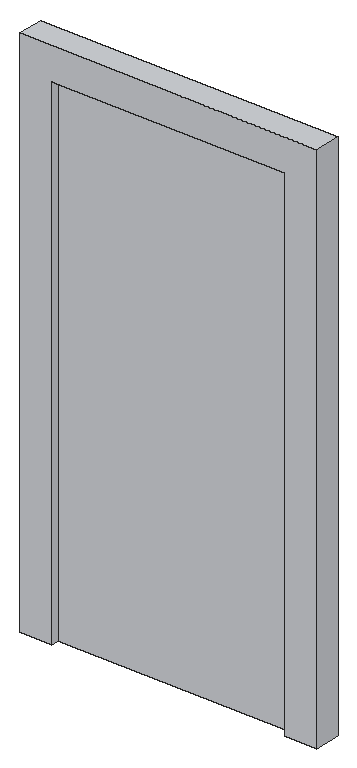
Revit family "Door", category Doors, host Wall, Revit 2025
Family settings
  Host = Wall
  OmniClass Number = 23.30.10.00
  OmniClass Title = Doors
  Always vertical = Yes
  Cut with Voids When Loaded = No
  Shared = No
  Room Calculation Point = No
Parameters (values of type "9")
  Type Comments = "C"
  Thickness = 0' - 1 3/4"
  Swing Length = Door Width - 0' 2"  # 2' - 10"
  S_Door A = 75.00°
  Frame Material = none
  Door Thickness = 0' - 1 3/4"
  S_Door Margin = 0' - 3 3/4"
  S_Door Inner Thickness = 0' - 3"
  S_Door G = 0' - 1.22013"
  Function = Interior
  Freezer = yes
  Frame Width Upper = 0' - 5"
  Frame Thickness = 0' - 4"
  Frame Width = 0' - 5"
  Height = Door Height + Frame Width Upper  # 6' - 11"
  Wall Closure = By host
  Width = Door Width + (2 * Frame Width)  # 3' - 10"
  Frame Head Depth = 0' - 5"
  Frame Depth Vert 1 = 0' - 1"
  Frame Depth Vert 2 = 0' - 0.01"
  Frame Depth Hori 2 = 0' - 5.01"
  Frame Depth Hori 1 = 0' - 3 3/4"
  S_Door Swing Length = Door Width  # 3' - 0"
  Door Width = 3' - 0"
  Door Material = none
  Door Height = 6' - 6"
  Define Thermal Properties by = Schematic Type
  Analytic Construction = "<None>"
Types (3): name | Type Comments | Swing Length | S_Door A | Frame Material | S_Door Margin | Freezer | Frame Width Upper | Frame Thickness | Frame Width | Height | Width | Frame Head Depth | Frame Depth Vert 2 | Frame Depth Hori 2 | Frame Depth Hori 1 | S_Door Swing Length | Door Width | Door Material | Door Height
  3A | "C" | 3' - 10" | 81.0937° | Hollow Material | 0' - 2" | no | 0' - 4" | 0' - 6" | 0' - 2" | 7' - 4" | 4' - 4" | 0' - 3" | 0' - 1" | 0' - 2" | 0' - 2" | 4' - 0" | 4' - 0" | Hollow Material | 7' - 0"
  9 | "C" | 2' - 10" | 75.00° | none | 0' - 3 3/4" | yes | 0' - 5" | 0' - 4" | 0' - 5" | 6' - 11" | 3' - 10" | 0' - 5" | 0' - 0.01" | 0' - 5.01" | 0' - 3 3/4" | 3' - 0" | 3' - 0" | none | 6' - 6"
  15 | "G" | 2' - 10" | 81.0937° | Hollow Material | 0' - 2" | no | 0' - 4" | 0' - 6" | 0' - 2" | 7' - 4" | 3' - 4" | 0' - 3" | 0' - 1" | 0' - 2" | 0' - 2" | 3' - 0" | 3' - 0" | Hollow Material | 7' - 0"
Reference planes (in)
  plane 1 "Center (Front/Back)": y = 0
  plane 2 "Center (Left/Right)": x = 0
  plane 3 "Left": x = -23
  plane 4 "Right": x = 23
  plane 5 "Top": z = 83
  plane 6 "Exterior": y = 7
  plane 7 "Interior": y = -7
  plane 8: y = 0
  plane 9: y = -2
  plane 10: y = 2
  plane 11: y = 3.22013
  plane 12: y = 47
  plane 13: x = 18
Forms (in)
  Extrusion 1, solid, material <- "Door Material", detail levels fine
    sketch origin (0, 0, 0) x (1, 0, 0) y (0, 1, 0)
      loop
        line (-18, 0.875) -> (-18, -0.875) -> (18, -0.875) -> (18, 0.875) -> (-18, 0.875)
    from 0 to 78
  Extrusion 2, solid, material <- "Frame Material", detail levels fine
    sketch origin (0, 0, 0) x (1, 0, 0) y (0, 0, 1)
      loop
        line (-23, 0) -> (-18, 0) -> (-18, 78) -> (18, 78) -> (18, 0) -> (23, 0) -> (23, 83) -> (-23, 83) -> (-23, 0)
    from -2 to 2
Lines and regions (in)
  Opening 1
    outline origin (-90, -7, 0) x (1, 0, 0) y (0, 0, 1)
      loop
        line (67, 0) -> (113, 0) -> (113, 83) -> (67, 83) -> (67, 0)
  symbolic lines
    curve 1: line (-19.25, 2, 0) -> (-19.25, 38, 0)
    curve 2: line (-19.25, 38, 0) -> (-14.75, 38, 0)
    curve 3: line (-17.5, 38, 0) -> (-17.5, 2, 0)
    curve 15: line (-23, 2, 0) -> (-19.25, 2, 0)
    curve 16: line (-19.25, 2, 0) -> (-19.25, 1, 0)
    curve 17: line (-19.25, 1, 0) -> (-18, 1, 0)
    curve 18: line (-18, 1, 0) -> (-18, -1.99, 0)
    curve 19: line (-18, -1.99, 0) -> (-17.99, -1.99, 0)
    curve 20: line (-17.99, -1.99, 0) -> (-17.99, -2, 0)
    curve 21: line (-17.99, -2, 0) -> (-23, -2, 0)
    curve 22: line (-19.25, 2, 0) -> (-17.5, 2, 0)
    curve 23: line (23, 2, 0) -> (18, 2, 0)
    curve 24: line (19.25, 4, 0) -> (19.25, 1, 0)
    curve 25: line (19.25, 1, 0) -> (18, 1, 0)
    curve 26: line (18, 1, 0) -> (18, -1.99, 0)
    curve 27: line (18, -1.99, 0) -> (17.99, -1.99, 0)
    curve 28: line (17.99, -1.99, 0) -> (17.99, -2, 0)
    curve 29: line (17.99, -2, 0) -> (23, -2, 0)
    curve 30: line (-17.5, 2, 0) -> (18, 2, 0)
    curve 31: line (17.99, -2, 0) -> (-17.99, -2, 0)
    curve 32: arc (-14.75, 38, 0) -> (9.29163, 28.04163, 0) -> (19.25, 4, 0) r 34
  symbolic lines, not visible
    curve 4: line (23, 1, 0) -> (23, -1, 0)
    curve 5: line (23, -1, 0) -> (24, -1, 0)
    curve 6: line (24, -1, 0) -> (24, -3, 0)
    curve 7: line (24, -3, 0) -> (26, -3, 0)
    curve 8: line (26, -3, 0) -> (26, 3, 0)
    curve 9: line (26, 3, 0) -> (24, 3, 0)
    curve 10: line (24, 3, 0) -> (24, 1, 0)
    curve 11: line (24, 1, 0) -> (23, 1, 0)
  symbolic lines, visible <- "Freezer"
    curve 12: line (-14.5, 35.97602, 0) -> (-14.5, 4.02398, 0)
    curve 13: line (-14.5, 35.97602, 0) -> (-17.5, 36.77987, 0)
    curve 14: line (-14.5, 4.02398, 0) -> (-17.5, 3.22013, 0)
Text (in)
  text "Exterior" at (-71.22539, 20.51343, 0), in view "Ref. Level"
  text "Interior" at (-71.22539, -15.26908, 0), in view "Ref. Level"
  text "Exterior" at (0, 40.15149, 123.01588), in view "Right"
  text "Interior" at (0, -64.39139, 123.01588), in view "Right"
  text "Interior" at (0, -31.01599, 123.00693), in view "Left"
  text "Exterior" at (0, 54.57065, 123.00693), in view "Left"
Dimensions and locks (in)
  equal spacing: Extrusion 1 sketch curve, host wall, Extrusion 1 sketch curve
  "Thickness": Extrusion 1 sketch curve to Extrusion 1 sketch curve
  equal spacing: plane 3 "Left", plane 2 "Center (Left/Right)", plane 4 "Right"
  "Width": plane 3 "Left" to plane 4 "Right"
  "Frame Width": Extrusion 2 sketch curve to Extrusion 2 sketch curve  (x2)
  "Frame Width Upper": plane 5 "Top" to Extrusion 2 sketch curve
  equal spacing: plane 10, plane 8, plane 9
  "Frame Thickness": plane 9 to plane 10
  "Height": plane 5 "Top" to level
  "S_Door Inner Thickness": curve 3 to curve 12
  "Door Thickness": curve 1 to curve 3
  "S_Door Margin": plane 3 "Left" to curve 1
  "Frame Depth Hori 1": plane 3 "Left" to curve 16
  "Frame Depth Hori 2": plane 3 "Left" to curve 20
  "Frame Depth Vert 1": curve 17 to plane 10
  "Frame Depth Vert 2": curve 19 to plane 9
  "Frame Head Depth": plane 3 "Left" to curve 18
  "Frame Depth Hori 1": curve 24 to plane 4 "Right"
  "Frame Depth Hori 2": curve 28 to plane 4 "Right"
  "Frame Depth Vert 2": curve 27 to plane 9
  "Frame Depth Vert 1": plane 10 to curve 25
  "Frame Head Depth": curve 26 to plane 4 "Right"
  "S_Door Swing Length": plane 10 to curve 2
  "S_Door G": plane 11 to plane 10
  "S_Door G": curve 13 to curve 2
  Extrusion 2 to level = 6' - 6"
  plane 3 "Left" to plane 4 "Right" = 3' - 10"
  Extrusion 2 to Extrusion 2 = 3' - 0"
  "Swing Length": radius of curve 32
  "S_Door A": angle curve 3 to curve 13
  "S_Door A": angle curve 14 to curve 3
  aligned and locked: plane 3 "Left" to Opening 1 sketch curve
  aligned and locked: plane 5 "Top" to Opening 1 sketch curve  (x2)
  aligned and locked: Opening 1 sketch curve to plane 4 "Right"
  aligned and locked: Opening 1 sketch curve to level
  aligned and locked: plane 6 "Exterior" to host wall
  aligned and locked: plane 7 "Interior" to host wall
  aligned and locked: plane 3 "Left" to Extrusion 2 sketch curve
  aligned and locked: Extrusion 2 sketch curve to plane 4 "Right"
  aligned and locked: Extrusion 2 sketch curve to plane 5 "Top"
  aligned and locked: Extrusion 2 to plane 10
  aligned and locked: Extrusion 2 to plane 9
  aligned and locked: Extrusion 2 to Extrusion 1 sketch curve  (x2)
  aligned and locked: Extrusion 1 to Extrusion 2
  aligned and locked: plane 3 "Left" to curve 15
  aligned and locked: plane 3 "Left" to curve 21
  aligned and locked: plane 9 to curve 21
  aligned and locked: plane 10 to curve 15
  aligned and locked: plane 10 to curve 22
  aligned and locked: plane 4 "Right" to curve 23
  aligned and locked: plane 4 "Right" to curve 29
  aligned and locked: curve 23 to plane 10
  aligned and locked: plane 10 to curve 30
  aligned and locked: plane 9 to curve 31
  aligned and locked: curve 28 to curve 31
  aligned and locked: curve 20 to curve 31
  aligned and locked: plane 11 to curve 14
Automatic sketch dimensions
  Extrusion 2 sketch curve to level = 0' - 0"  (x2)
  curve 23 to plane 13 = 0' - 0"
